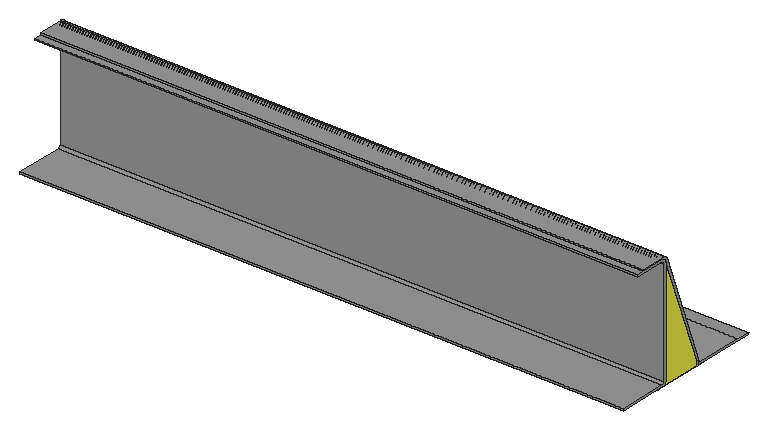
Revit family "CFS K 90 WOL", category Generic Models, Revit 2014
Parameters (values of type "Max lintel length 4800mm")
  URL = "http://www.keystonelintels.co.uk"
  Structural Opening [instance] = 900 mm
  Structural Performance = "The Keystone lintel range has safe working loads as detailed in each applicable loading table in the Keystone Lintel Guide brochure. The structural performance figures within each table have been ascertained by testing in accordance with the requirements of standards BS EN 5977-2: 1983 and BS EN 845-2: 2003."
  RIBA Productor Selector = "available for Keystone Lintels Ltd from Keystone Lintels Ltd from ribaproductselector.com"
  Model = "CFS/K 90 WOL"
  Min Length = 600 mm
  Min Clear Span = 300 mm
  Max Length = 4800 mm
  Max Clear Span = 4800 mm
  Material - Stainless Steel = "Grade 304 2b 1.4307 to BS EN 10088-2. Other grades available on request: contact manufacturer."
  Material - Galvanised Steel = "To BS EN 10346: 2009. DX51D plus Z600 or grade Z275 to BS 5977-2: 1983 (BS EN 845-2: 2003)."
  Manufacturer = "Keystone"
  Manufactured Length [instance] = (roundup(Effective Length / 150 mm) * 150 mm)  # 1200 mm
  Lintel height [instance] = 2100 mm
  Keynote = "F30/755"
  Fire Performance = "Keystone lintels have been subjected to a fire test (WARRES No. 101263) in accordance with BS 476-20: 1987, at Exova Warrington Fire and achieved a one hour fire performance."
  End Bearing = 150 mm
  Effective Length [instance] = Clear Opening with MIN MAX set + End Bearing * 2  # 1200 mm
  Corrosion = "Keystone’s standard range of lintels are manufactured from high quality grade pre-galvanized carbon steel with a zinc coating of 600"
  Contact Tel = "+44 (0)28 8676 2184"
  Contact Email = "info@keystonelintels.co.uk"
  Clear Opening with MIN MAX set [instance] = if(Structural Opening < Min Clear Span, Min Clear Span, (if(Structural Opening > Max Clear Span, Max Clear Span, Structural Opening)))  # 900 mm
  CPD Information = "Available for Keystone Lintels Ltd from ribacpd.com"
Reference planes
  plane 1 "Center (Front/Back)": y = 0
  plane 2: z = 0
  plane 3 "Center (Left/Right)": x = 0
  plane 4: x = -600
  plane 5: x = 600
  plane 6: z = 2100
  plane 7: x = -450
  plane 8: x = 450
Forms (mm)
  Extrusion 1, solid, material "Steel"
    sketch origin (0, 728.169, -496.25) x (0, 1, 0) y (0, 0, 1)
      loop
        line (-587.672, 2596.25) -> (-562.723, 2595.381) -> (-562.611, 2598.579) -> (-587.539, 2599.447) -> (-682.521, 2599.45)
        arc (-682.521, 2599.45) -> (-683.665, 2599.81) -> (-684.397, 2600.758) r 2
        line (-684.397, 2600.758) -> (-765.936, 2821.831)
        arc (-765.936, 2821.831) -> (-767.841, 2824.298) -> (-770.815, 2825.232) r 5.2
        line (-770.815, 2825.232) -> (-821.399, 2825.232) -> (-821.399, 2822.032) -> (-770.815, 2822.032)
        arc (-770.815, 2822.032) -> (-769.671, 2821.673) -> (-768.938, 2820.724) r 2
        line (-768.938, 2820.724) -> (-687.4, 2599.651)
        arc (-687.4, 2599.651) -> (-685.494, 2597.184) -> (-682.521, 2596.25) r 5.2
        line (-682.521, 2596.25) -> (-587.672, 2596.25)
    from -600 to 600
  Extrusion 2, solid, material "Steel"
    sketch origin (0, 728.169, -496.25) x (0, 1, 0) y (0, 0, 1)
      loop
        line (-871.361, 2596.25) -> (-776.361, 2596.25)
        arc (-776.361, 2596.25) -> (-770.775, 2598.564) -> (-768.461, 2604.15) r 7.9
        line (-768.461, 2604.15) -> (-768.461, 2814.15)
        arc (-768.461, 2814.15) -> (-770.775, 2819.736) -> (-776.361, 2822.05) r 7.9
        line (-776.361, 2822.05) -> (-836.361, 2822.05) -> (-836.361, 2818.85) -> (-777.061, 2818.85)
        arc (-777.061, 2818.85) -> (-773.243, 2817.269) -> (-771.661, 2813.45) r 5.4
        line (-771.661, 2813.45) -> (-771.661, 2604.15)
        arc (-771.661, 2604.15) -> (-773.038, 2600.827) -> (-776.361, 2599.45) r 4.7
        line (-776.361, 2599.45) -> (-871.361, 2599.45) -> (-871.361, 2596.25)
    from -600 to 600
  Extrusion 3, solid, material "Steel"
    sketch origin (0, 728.169, -496.25) x (0, 1, 0) y (0, 0, 1)
      loop
        line (-787.096, 2595.25) -> (-672.096, 2595.25) -> (-672.096, 2596.25) -> (-689.096, 2596.25) -> (-689.096, 2604.25) -> (-690.096, 2604.25) -> (-690.096, 2596.25) -> (-787.096, 2596.25) -> (-787.096, 2595.25)
    from -600 to 600
  Extrusion 4, solid, material "Insulation"
    sketch origin (0, 728.169, -496.25) x (0, 1, 0) y (0, 0, 1)
      loop
        line (-690.096, 2596.25) -> (-690.096, 2604.25) -> (-689.096, 2603.895) -> (-689.096, 2596.25) -> (-682.521, 2596.25)
        arc (-682.521, 2596.25) -> (-685.494, 2597.184) -> (-687.4, 2599.651) r 5.2
        line (-687.4, 2599.651) -> (-768.938, 2820.724)
        arc (-768.938, 2820.724) -> (-769.671, 2821.673) -> (-770.815, 2822.032) r 2
        line (-770.815, 2822.032) -> (-775.826, 2822.032)
        arc (-775.826, 2822.032) -> (-770.589, 2819.544) -> (-768.461, 2814.15) r 7.9
        line (-768.461, 2814.15) -> (-768.461, 2604.15)
        arc (-768.461, 2604.15) -> (-770.775, 2598.564) -> (-776.361, 2596.25) r 7.9
        line (-776.361, 2596.25) -> (-690.096, 2596.25)
    from -600 to 600
  Extrusion 5, solid, not visible
    sketch origin (0, 983.05, 1187.552) x (0, 1, 0) y (0, 0, 1)
      loop
        line (-587.672, 996.25) -> (-562.723, 995.381) -> (-562.611, 998.579) -> (-587.539, 999.447) -> (-682.521, 999.45)
        arc (-682.521, 999.45) -> (-683.665, 999.81) -> (-684.397, 1000.758) r 2
        line (-684.397, 1000.758) -> (-765.936, 1221.831)
        arc (-765.936, 1221.831) -> (-767.841, 1224.298) -> (-770.815, 1225.232) r 5.2
        line (-770.815, 1225.232) -> (-821.399, 1225.232) -> (-821.399, 1222.032) -> (-770.815, 1222.032)
        arc (-770.815, 1222.032) -> (-769.671, 1221.673) -> (-768.938, 1220.724) r 2
        line (-768.938, 1220.724) -> (-687.4, 999.651)
        arc (-687.4, 999.651) -> (-685.494, 997.184) -> (-682.521, 996.25) r 5.2
        line (-682.521, 996.25) -> (-587.672, 996.25)
    from 0 to 250
  Extrusion 6, solid, not visible
    sketch origin (0, 677.286, 1193.687) x (0, 1, 0) y (0, 0, 1)
      loop
        line (-871.361, 996.25) -> (-776.361, 996.25)
        arc (-776.361, 996.25) -> (-770.775, 998.564) -> (-768.461, 1004.15) r 7.9
        line (-768.461, 1004.15) -> (-768.461, 1214.15)
        arc (-768.461, 1214.15) -> (-770.775, 1219.736) -> (-776.361, 1222.05) r 7.9
        line (-776.361, 1222.05) -> (-836.361, 1222.05) -> (-836.361, 1218.85) -> (-777.061, 1218.85)
        arc (-777.061, 1218.85) -> (-773.243, 1217.269) -> (-771.661, 1213.45) r 5.4
        line (-771.661, 1213.45) -> (-771.661, 1004.15)
        arc (-771.661, 1004.15) -> (-773.038, 1000.827) -> (-776.361, 999.45) r 4.7
        line (-776.361, 999.45) -> (-871.361, 999.45) -> (-871.361, 996.25)
    from 0 to 250
  Extrusion 7, solid, not visible
    sketch origin (0, 937.791, 1021.304) x (0, 1, 0) y (0, 0, 1)
      loop
        line (-787.096, 995.25) -> (-672.096, 995.25) -> (-672.096, 996.25) -> (-689.096, 996.25) -> (-689.096, 1004.25) -> (-690.096, 1004.25) -> (-690.096, 996.25) -> (-787.096, 996.25) -> (-787.096, 995.25)
    from 0 to 250
  Extrusion 8, solid, not visible
    sketch origin (0, 541.891, 822.001) x (0, 1, 0) y (0, 0, 1)
      loop
        line (-690.096, 996.25) -> (-690.096, 1004.25) -> (-689.096, 1003.895) -> (-689.096, 996.25) -> (-682.521, 996.25)
        arc (-682.521, 996.25) -> (-685.494, 997.184) -> (-687.4, 999.651) r 5.2
        line (-687.4, 999.651) -> (-768.938, 1220.724)
        arc (-768.938, 1220.724) -> (-769.671, 1221.673) -> (-770.815, 1222.032) r 2
        line (-770.815, 1222.032) -> (-775.826, 1222.032)
        arc (-775.826, 1222.032) -> (-770.589, 1219.544) -> (-768.461, 1214.15) r 7.9
        line (-768.461, 1214.15) -> (-768.461, 1004.15)
        arc (-768.461, 1004.15) -> (-770.775, 998.564) -> (-776.361, 996.25) r 7.9
        line (-776.361, 996.25) -> (-690.096, 996.25)
    from 0 to 250
Dimensions and locks
  equal spacing: plane 4, plane 3 "Center (Left/Right)", plane 5
  "Manufactured Length": plane 4 to plane 5
  "Lintel height": plane 6 to level
  "Structural Opening": plane 7 to plane 8
  equal spacing: plane 7, plane 3 "Center (Left/Right)", plane 8
  aligned and locked: level to plane 2
  aligned and locked: Extrusion 1 to plane 6
  aligned and locked: Extrusion 4 to plane 6
  aligned and locked: Extrusion 2 to plane 6
  aligned and locked: plane 6 to Extrusion 3
  aligned and locked: plane 5 to Extrusion 2
  aligned and locked: Extrusion 2 to plane 4
  aligned and locked: plane 5 to Extrusion 1
  aligned and locked: Extrusion 1 to plane 4
  aligned and locked: plane 5 to Extrusion 4
  aligned and locked: Extrusion 4 to plane 4
  aligned and locked: plane 5 to Extrusion 3
  aligned and locked: Extrusion 3 to plane 4
Automatic sketch dimensions
  Extrusion 1 sketch curve to Extrusion 1 sketch curve = 94.849 mm
  Extrusion 1 sketch curve to Extrusion 1 sketch curve = 24.95 mm
  Extrusion 1 sketch curve to Extrusion 1 sketch curve = 0.87 mm
  Extrusion 1 sketch curve to Extrusion 1 sketch curve = 0.111 mm
  Extrusion 1 sketch curve to Extrusion 1 sketch curve = 0.133 mm
  Extrusion 1 sketch curve to Extrusion 1 sketch curve = 0 mm  (x5)
  Extrusion 1 sketch curve to Extrusion 1 sketch curve = 3.2 mm
  Extrusion 1 sketch curve to Extrusion 1 sketch curve = 2 mm
  Extrusion 1 sketch curve to Extrusion 1 sketch curve = 4.879 mm
  Extrusion 1 sketch curve to Extrusion 1 sketch curve = 1.876 mm  (x2)
  Extrusion 1 sketch curve to Extrusion 1 sketch curve = 81.539 mm
  Extrusion 1 sketch curve to Extrusion 1 sketch curve = 221.073 mm
  Extrusion 1 sketch curve to Extrusion 1 sketch curve = 3.002 mm
  Extrusion 1 sketch curve to Extrusion 1 sketch curve = 1.107 mm
  Extrusion 1 sketch curve to Extrusion 1 sketch curve = 0.692 mm
  Extrusion 1 sketch curve to Extrusion 1 sketch curve = 50.584 mm
  Extrusion 2 sketch curve to Extrusion 2 sketch curve = 95 mm
  Extrusion 2 sketch curve to Extrusion 2 sketch curve = 3.2 mm
  Extrusion 2 sketch curve to Extrusion 2 sketch curve = 0 mm  (x4)
  Extrusion 2 sketch curve to Extrusion 2 sketch curve = 4.7 mm  (x2)
  Extrusion 2 sketch curve to Extrusion 2 sketch curve = 209.3 mm
  Extrusion 2 sketch curve to Extrusion 2 sketch curve = 0.7 mm  (x2)
  Extrusion 2 sketch curve to Extrusion 2 sketch curve = 59.3 mm
  Extrusion 3 sketch curve to Extrusion 3 sketch curve = 115 mm
  Extrusion 3 sketch curve to Extrusion 3 sketch curve = 1 mm  (x2)
  Extrusion 3 sketch curve to Extrusion 3 sketch curve = 17 mm
  Extrusion 3 sketch curve to Extrusion 3 sketch curve = 8 mm
  Extrusion 3 sketch curve to Extrusion 3 sketch curve = 0 mm
  Extrusion 4 sketch curve to Extrusion 4 sketch curve = 0 mm  (x4)
  Extrusion 4 sketch curve to Extrusion 4 sketch curve = 0.535 mm
  Extrusion 4 sketch curve to Extrusion 4 sketch curve = 5.011 mm
  Extrusion 4 sketch curve to Extrusion 4 sketch curve = 1.876 mm
  Extrusion 4 sketch curve to Extrusion 4 sketch curve = 2.354 mm
  Extrusion 4 sketch curve to Extrusion 4 sketch curve = 78.365 mm
  Extrusion 4 sketch curve to Extrusion 4 sketch curve = 1 mm
  Extrusion 4 sketch curve to Extrusion 4 sketch curve = 1.696 mm
  Extrusion 4 sketch curve to Extrusion 4 sketch curve = 4.879 mm
  Extrusion 4 sketch curve to Extrusion 4 sketch curve = 3.401 mm
  Extrusion 4 sketch curve to Extrusion 4 sketch curve = 1.799 mm
  Extrusion 4 sketch curve to Extrusion 4 sketch curve = 7.9 mm
  Extrusion 4 sketch curve to Extrusion 4 sketch curve = 4.599 mm
  Extrusion 4 sketch curve to Extrusion 4 sketch curve = 210 mm
  Extrusion 4 sketch curve to Extrusion 4 sketch curve = 2 mm
  Extrusion 4 sketch curve to Extrusion 4 sketch curve = 0.355 mm
  Extrusion 5 sketch curve to Extrusion 5 sketch curve = 94.849 mm
  Extrusion 5 sketch curve to Extrusion 5 sketch curve = 24.95 mm
  Extrusion 5 sketch curve to Extrusion 5 sketch curve = 0.87 mm
  Extrusion 5 sketch curve to Extrusion 5 sketch curve = 0.111 mm
  Extrusion 5 sketch curve to Extrusion 5 sketch curve = 0.133 mm
  Extrusion 5 sketch curve to Extrusion 5 sketch curve = 0 mm  (x5)
  Extrusion 5 sketch curve to Extrusion 5 sketch curve = 3.2 mm
  Extrusion 5 sketch curve to Extrusion 5 sketch curve = 2 mm
  Extrusion 5 sketch curve to Extrusion 5 sketch curve = 4.879 mm
  Extrusion 5 sketch curve to Extrusion 5 sketch curve = 1.876 mm  (x2)
  Extrusion 5 sketch curve to Extrusion 5 sketch curve = 81.539 mm
  Extrusion 5 sketch curve to Extrusion 5 sketch curve = 221.073 mm
  Extrusion 5 sketch curve to Extrusion 5 sketch curve = 3.002 mm
  Extrusion 5 sketch curve to Extrusion 5 sketch curve = 1.107 mm
  Extrusion 5 sketch curve to Extrusion 5 sketch curve = 0.692 mm
  Extrusion 5 sketch curve to Extrusion 5 sketch curve = 50.584 mm
  Extrusion 6 sketch curve to Extrusion 6 sketch curve = 95 mm
  Extrusion 6 sketch curve to Extrusion 6 sketch curve = 3.2 mm
  Extrusion 6 sketch curve to Extrusion 6 sketch curve = 0 mm  (x4)
  Extrusion 6 sketch curve to Extrusion 6 sketch curve = 4.7 mm  (x2)
  Extrusion 6 sketch curve to Extrusion 6 sketch curve = 209.3 mm
  Extrusion 6 sketch curve to Extrusion 6 sketch curve = 0.7 mm  (x2)
  Extrusion 6 sketch curve to Extrusion 6 sketch curve = 59.3 mm
  Extrusion 7 sketch curve to Extrusion 7 sketch curve = 115 mm
  Extrusion 7 sketch curve to Extrusion 7 sketch curve = 1 mm  (x2)
  Extrusion 7 sketch curve to Extrusion 7 sketch curve = 17 mm
  Extrusion 7 sketch curve to Extrusion 7 sketch curve = 8 mm
  Extrusion 7 sketch curve to Extrusion 7 sketch curve = 0 mm
  Extrusion 8 sketch curve to Extrusion 8 sketch curve = 0 mm  (x4)
  Extrusion 8 sketch curve to Extrusion 8 sketch curve = 0.535 mm
  Extrusion 8 sketch curve to Extrusion 8 sketch curve = 5.011 mm
  Extrusion 8 sketch curve to Extrusion 8 sketch curve = 1.876 mm
  Extrusion 8 sketch curve to Extrusion 8 sketch curve = 2.354 mm
  Extrusion 8 sketch curve to Extrusion 8 sketch curve = 78.365 mm
  Extrusion 8 sketch curve to Extrusion 8 sketch curve = 1 mm
  Extrusion 8 sketch curve to Extrusion 8 sketch curve = 1.696 mm
  Extrusion 8 sketch curve to Extrusion 8 sketch curve = 4.879 mm
  Extrusion 8 sketch curve to Extrusion 8 sketch curve = 3.401 mm
  Extrusion 8 sketch curve to Extrusion 8 sketch curve = 1.799 mm
  Extrusion 8 sketch curve to Extrusion 8 sketch curve = 7.9 mm
  Extrusion 8 sketch curve to Extrusion 8 sketch curve = 4.599 mm
  Extrusion 8 sketch curve to Extrusion 8 sketch curve = 210 mm
  Extrusion 8 sketch curve to Extrusion 8 sketch curve = 2 mm
  Extrusion 8 sketch curve to Extrusion 8 sketch curve = 0.355 mm
  Extrusion 4 sketch curve to plane 6 = 0 mm
  plane 1 "Center (Front/Back)" to Extrusion 4 sketch curve = 48.192 mm
  Extrusion 2 sketch curve to plane 6 = 0 mm
  plane 1 "Center (Front/Back)" to Extrusion 2 sketch curve = 143.192 mm
  Extrusion 3 sketch curve to plane 6 = 0 mm
  plane 1 "Center (Front/Back)" to Extrusion 3 sketch curve = 58.927 mm
  Extrusion 1 sketch curve to plane 6 = 0 mm
  plane 1 "Center (Front/Back)" to Extrusion 1 sketch curve = 93.23 mm
